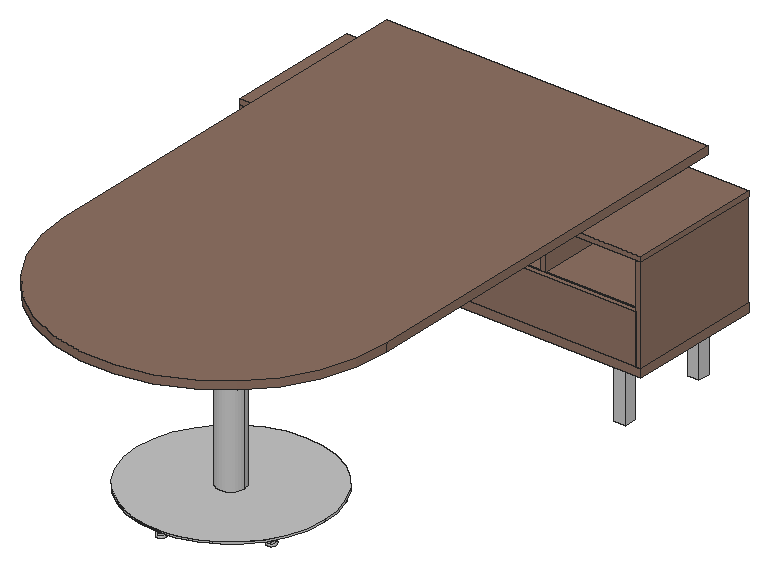
Revit family "CT002", category Furniture, Revit 2016
Family settings
  OmniClass Number = 23.40.20.00
  OmniClass Title = General Furniture and Specialties
  Work Plane-Based = No
  Always vertical = Yes
  Cut with Voids When Loaded = No
  Shared = Yes
  Room Calculation Point = No
Parameters
  Series = "Connect Lounge"
  Manufacturer = "JSI"
  Description = "CT002"
Reference planes (in)
  plane 1 "Center Front/Back": y = 0
  plane 2: z = 0
  plane 3 "Center Left/Right": x = 0
Dimensions and locks (in)
  aligned and locked: level to plane 2
Nested families (in)
  nested 1: "JSI-Connect-Media_Activity_Center" at (0, -10, 0), type "CT6084MACB 84" Bullet"
Definition of nested family "JSI-Connect-Media_Activity_Center"
  Parameters (values of type "CT6084MACR 84" Rectangular")
    Wood Finish = none
    Width = 5' - 0"
    URL = "www.jsifurniture.com"
    Series = "Connect"  # constant formula
    Rectangular Top = yes
    Model = "CT6084MACR"
    Metal Finish = none
    Manufacturer = "JSI"  # constant formula
    Keynote = "12 40 00"
    JSI Environmental Website = "http://www.jsifurniture.com/jsi_sustainability_intro.php"
    Height = 2' - 1"
    Description = "84\" Rectangular"
    Depth = 7' - 0"
    Bullet Top = no
    Back Wall Panel = no
    Assembly Code = "E2020200"
  Types (9): name | Rectangular Top | Model | Description | Depth | Bullet Top | Back Wall Panel
    (no name) | yes | "CT6084MACR" | "84\" Rectangular" | 7' - 0" | no | no
    CT6072MACB 72" Bullet | no | "CT6072MACB" | "72\" Bullet" | 6' - 0" | yes | no
    CT6084MACB 84" Bullet | no | "CT6084MACB" | "84\" Bullet" | 7' - 0" | yes | no
    CT6084MACR 84" Rectangular | yes | "CT6084MACR" | "84\" Rectangular" | 7' - 0" | no | no
    CT6072MACR 72" Rectangular | yes | "CT6072MACR" | "72\" Rectangular" | 6' - 0" | no | no
    CT6084MACBW 84" Bullet With Back Wall Panel | no | "CT6084MACBW" | "84\" Bullet With Back Wall Panel" | 7' - 0" | yes | yes
    CT6072MACBW 72" Bullet With Back Wall Panel | no | "CT6072MACBW" | "72\" Bullet With Back Wall Panel" | 6' - 0" | yes | yes
    CT6084MACRW 84" Rectangular With Back Wall Panel | yes | "CT6084MACRW" | "84\" Rectangular With Back Wall Panel" | 7' - 0" | no | yes
    CT6072MACRW 72" Rectangular With Back Wall Panel | yes | "CT6072MACRW" | "72\" Rectangular With Back Wall Panel" | 6' - 0" | no | yes
  Reference planes (in)
    plane 1 "Center Front/Back": y = 0
    plane 2: z = 0
    plane 3 "Center Left/Right": x = 0
    plane 4: x = 30
    plane 5: x = -30
    plane 6: y = 10
    plane 7: y = -10
    plane 8: z = 25
    plane 9: z = 8.75
    plane 10: z = 10
    plane 11: x = -25.875
    plane 12: x = -24.125
    plane 13: x = 25.875
    plane 14: x = 24.125
    plane 15: x = -29.25
    plane 16: x = 29.25
    plane 17: z = 24.25
    plane 18: y = -74
    plane 19: y = -49.05985
    plane 20: y = -55.875
  Forms (in)
    Extrusion 1, solid, material <- "Wood Finish"
      sketch origin (0, 0, 0) x (1, 0, 0) y (0, 1, 0)
        loop
          line (-30, 10) -> (-30, -10) -> (30, -10) -> (30, 10) -> (-30, 10)
      from 8.75 to 10
    Extrusion 2, solid, material <- "Metal Finish"
      sketch origin (0, 0, 0) x (1, 0, 0) y (0, 1, 0)
        loop
          line (24.125, -6) -> (24.125, -7.75) -> (25.875, -7.75) -> (25.875, -6) -> (24.125, -6)
        loop
          line (25.875, 6) -> (25.875, 7.75) -> (24.125, 7.75) -> (24.125, 6) -> (25.875, 6)
        loop
          line (-24.125, 6) -> (-24.125, 7.75) -> (-25.875, 7.75) -> (-25.875, 6) -> (-24.125, 6)
        loop
          line (-24.125, -7.75) -> (-24.125, -6) -> (-25.875, -6) -> (-25.875, -7.75) -> (-24.125, -7.75)
      from 0 to 8.75
    Extrusion 3, solid, material <- "Wood Finish"
      sketch origin (61.96223, 2.16377, 0) x (1, 0, 0) y (0, 1, 0)
        loop
          line (-91.96223, 7.83623) -> (-91.96223, -12.16377) -> (-91.21223, -12.16377) -> (-91.21223, 7.83623) -> (-91.96223, 7.83623)
      from 10 to 24.25
    Extrusion 4, solid, material <- "Wood Finish"
      sketch origin (-61.96223, 2.16377, 0) x (-1, 0, 0) y (0, -1, 0)
        loop
          line (-91.96223, -7.83623) -> (-91.21223, -7.83623) -> (-91.21223, 12.16377) -> (-91.96223, 12.16377) -> (-91.96223, -7.83623)
      from 10 to 24.25
    Extrusion 5, solid, material <- "Wood Finish"
      sketch origin (-89.96223, 2.16377, 0) x (-1, 0, 0) y (0, -1, 0)
        loop
          line (-119.21223, -5.08623) -> (-104.96223, -5.08623) -> (-104.96223, -4.33623) -> (-119.21223, -4.33623) -> (-119.21223, -5.08623)
      from 17.3125 to 19.3125
    Extrusion 6, solid, material <- "Wood Finish"
      sketch origin (0, 0, 9.25) x (1, 0, 0) y (0, 1, 0)
        loop
          line (-30, 10) -> (-30, -10) -> (30, -10) -> (30, 10) -> (-30, 10)
      from 15 to 15.75
    Extrusion 7, solid, material <- "Wood Finish"
      sketch origin (-89.59579, 2.16377, 10.4936) x (-1, 0, 0) y (0, -1, 0)
        loop
          line (-118.84579, -5.08623) -> (-104.59579, -5.08623) -> (-104.59579, 11.28877) -> (-118.84579, 11.28877) -> (-118.84579, -5.08623)
      from 6.0689 to 6.8189
    Extrusion 8, solid, material <- "Wood Finish"
      sketch origin (76.96223, 2.16377, 0) x (1, 0, 0) y (0, 1, 0)
        loop
          line (-91.96223, 7.08623) -> (-91.96223, -11.28877) -> (-91.21223, -11.28877) -> (-91.21223, 7.08623) -> (-91.96223, 7.08623)
      from 10 to 24.25
    Extrusion 9, solid, material <- "Wood Finish"
      sketch origin (106.21223, 2.16377, 0) x (1, 0, 0) y (0, 1, 0)
        loop
          line (-91.96223, 7.08623) -> (-91.96223, -11.28877) -> (-91.21223, -11.28877) -> (-91.21223, 7.08623) -> (-91.96223, 7.08623)
      from 10 to 24.25
    Extrusion 10, solid, material <- "Wood Finish"
      sketch origin (89.96223, 2.16377, 0) x (1, 0, 0) y (0, 1, 0)
        loop
          line (-119.21223, 5.08623) -> (-119.21223, 4.33623) -> (-104.96223, 4.33623) -> (-104.96223, 5.08623) -> (-119.21223, 5.08623)
      from 17.3125 to 19.3125
    Extrusion 11, solid, material <- "Wood Finish"
      sketch origin (89.59579, 2.16377, 10.4936) x (1, 0, 0) y (0, 1, 0)
        loop
          line (-118.84579, 5.08623) -> (-118.84579, -11.28877) -> (-104.59579, -11.28877) -> (-104.59579, 5.08623) -> (-118.84579, 5.08623)
      from 6.0689 to 6.8189
    Extrusion 12, solid, material <- "Wood Finish"
      sketch origin (119.21223, 2.16377, 0) x (1, 0, 0) y (0, 1, 0)
        loop
          line (-133.46223, 5.08623) -> (-133.46223, 4.33623) -> (-104.96223, 4.33623) -> (-104.96223, 5.08623) -> (-133.46223, 5.08623)
      from 17.3125 to 19.3125
    Extrusion 13, solid, material <- "Wood Finish"
      sketch origin (118.84579, 2.16377, 10.4936) x (1, 0, 0) y (0, 1, 0)
        loop
          line (-133.09579, 5.08623) -> (-133.09579, -11.28877) -> (-104.59579, -11.28877) -> (-104.59579, 5.08623) -> (-133.09579, 5.08623)
      from 6.0689 to 6.8189
    Extrusion 14, solid, material <- "Wood Finish"
      sketch origin (76.96223, 21.41377, 0) x (1, 0, 0) y (0, 1, 0)
        loop
          line (-106.21223, -11.41377) -> (-106.21223, -12.16377) -> (-47.71223, -12.16377) -> (-47.71223, -11.41377) -> (-106.21223, -11.41377)
      from 10 to 24.25
    Extrusion 15, void
      sketch origin (0, -0.375, 0) x (1, 0, 0) y (0, 1, 0)
        loop
          circle (0, 7.00058) r 1.19296
      from 22.85724 to 25.60955
    Extrusion 16, solid, material <- "Wood Finish"
      sketch origin (76.96223, -21.41377, 0) x (1, 0, 0) y (0, 1, 0)
        loop
          line (-106.21223, 11.41377) -> (-47.71223, 11.41377) -> (-47.71223, 12.16377) -> (-106.21223, 12.16377) -> (-106.21223, 11.41377)
      from 10 to 17.3125
    Extrusion 17, solid, material <- "Wood Finish", visible <- "Bullet Top"
      sketch origin (0, -21, 9.25) x (1, 0, 0) y (0, 1, 0)
        loop
          line (-24, 31) -> (-24, -29)
          arc (-24, -29) -> (0, -53) -> (24, -29) r 24
          line (24, -29) -> (24, 31) -> (-24, 31)
      from 18.444 to 19.6315
    Extrusion 18, solid, material <- "Wood Finish"
      sketch origin (74.21223, 2.16377, 0) x (1, 0, 0) y (0, 1, 0)
        loop
          line (-95.21223, 6.96123) -> (-95.21223, -9.03877) -> (-94.46223, -9.03877) -> (-94.46223, 6.96123) -> (-95.21223, 6.96123)
        loop
          line (-53.21223, 6.96123) -> (-53.96223, 6.96123) -> (-53.96223, -9.03877) -> (-53.21223, -9.03877) -> (-53.21223, 6.96123)
        loop
          line (-64.46223, -58.03877) -> (-64.46223, 4.21123) -> (-65.21223, 4.21123) -> (-65.21223, -58.03877) -> (-64.46223, -58.03877)
        loop
          line (-83.21223, -58.03877) -> (-83.21223, 4.21123) -> (-83.96223, 4.21123) -> (-83.96223, -58.03877) -> (-83.21223, -58.03877)
      from 25.069 to 27.694
    Extrusion 19, solid, material <- "Wood Finish"
      sketch origin (76.21223, 2.16377, 0) x (1, 0, 0) y (0, 1, 0)
        loop
          line (-67.21223, -57.28877) -> (-85.21223, -57.28877) -> (-85.21223, -58.03877) -> (-67.21223, -58.03877) -> (-67.21223, -57.28877)
        loop
          line (-96.46223, 6.21123) -> (-55.96223, 6.21123) -> (-55.96223, 6.96123) -> (-96.46223, 6.96123) -> (-96.46223, 6.21123)
      from 25.069 to 27.694
    Extrusion 20, solid, material <- "Metal Finish", visible <- "Bullet Top"
      sketch origin (0, 6, 0) x (1, 0, 0) y (0, 1, 0)
        loop
          circle (0, -55.05859) r 2
      from 1.28 to 27.694
    Extrusion 21, solid, material <- "Metal Finish", visible <- "Bullet Top"
      sketch origin (0, -6, 0) x (1, 0, 0) y (0, 1, 0)
        loop
          circle (0, -43.05985) r 14
      from 1.03 to 1.28
    Revolve 22, solid, material <- "Metal Finish", visible <- "Bullet Top"
      sketch origin (0, -62.0572, 0) x (1, 0, 0) y (0, 0, -1)
        loop
          line (0, 0) -> (0, -1.03) -> (0.12009, -1.03) -> (0.12009, -0.44) -> (0.44, -0.44) -> (0.44, -0.25) -> (0.56606, -0.25)
          arc (0.56606, -0.25) -> (0.69106, -0.125) -> (0.56606, 0) r 0.125
          line (0.56606, 0) -> (0, 0)
        axis (0, -1.03) -> (0, 0)
      angle from 0 to 360
    Revolve 23, solid, material <- "Metal Finish", visible <- "Bullet Top"
      sketch origin (11.25604, -55.55853, 0) x (0.5, 0.866025, 0) y (0, 0, -1)
        loop
          line (0, 0) -> (0, -1.03) -> (0.12009, -1.03) -> (0.12009, -0.44) -> (0.44, -0.44) -> (0.44, -0.25) -> (0.56606, -0.25)
          arc (0.56606, -0.25) -> (0.69106, -0.125) -> (0.56606, 0) r 0.125
          line (0.56606, 0) -> (0, 0)
        axis (0, -1.03) -> (0, 0)
      angle from 0 to 360
    Revolve 24, solid, material <- "Metal Finish", visible <- "Bullet Top"
      sketch origin (11.25604, -42.56118, 0) x (-0.5, 0.866025, 0) y (0, 0, -1)
        loop
          line (0, 0) -> (0, -1.03) -> (0.12009, -1.03) -> (0.12009, -0.44) -> (0.44, -0.44) -> (0.44, -0.25) -> (0.56606, -0.25)
          arc (0.56606, -0.25) -> (0.69106, -0.125) -> (0.56606, 0) r 0.125
          line (0.56606, 0) -> (0, 0)
        axis (0, -1.03) -> (0, 0)
      angle from 0 to 360
    Revolve 25, solid, material <- "Metal Finish", visible <- "Bullet Top"
      sketch origin (0, -36.0625, 0) x (-1, 0, 0) y (0, 0, -1)
        loop
          line (0, 0) -> (0, -1.03) -> (0.12009, -1.03) -> (0.12009, -0.44) -> (0.44, -0.44) -> (0.44, -0.25) -> (0.56606, -0.25)
          arc (0.56606, -0.25) -> (0.69106, -0.125) -> (0.56606, 0) r 0.125
          line (0.56606, 0) -> (0, 0)
        axis (0, -1.03) -> (0, 0)
      angle from 0 to 360
    Revolve 26, solid, material <- "Metal Finish", visible <- "Bullet Top"
      sketch origin (-11.25604, -42.56118, 0) x (-0.5, -0.866025, 0) y (0, 0, -1)
        loop
          line (0, 0) -> (0, -1.03) -> (0.12009, -1.03) -> (0.12009, -0.44) -> (0.44, -0.44) -> (0.44, -0.25) -> (0.56606, -0.25)
          arc (0.56606, -0.25) -> (0.69106, -0.125) -> (0.56606, 0) r 0.125
          line (0.56606, 0) -> (0, 0)
        axis (0, -1.03) -> (0, 0)
      angle from 0 to 360
    Revolve 27, solid, material <- "Metal Finish", visible <- "Bullet Top"
      sketch origin (-11.25604, -55.55853, 0) x (0.5, -0.866025, 0) y (0, 0, -1)
        loop
          line (0, 0) -> (0, -1.03) -> (0.12009, -1.03) -> (0.12009, -0.44) -> (0.44, -0.44) -> (0.44, -0.25) -> (0.56606, -0.25)
          arc (0.56606, -0.25) -> (0.69106, -0.125) -> (0.56606, 0) r 0.125
          line (0.56606, 0) -> (0, 0)
        axis (0, -1.03) -> (0, 0)
      angle from 0 to 360
    Extrusion 28, solid, material <- "Wood Finish", visible <- "Rectangular Top"
      sketch origin (0, -21, 9.25) x (1, 0, 0) y (0, 1, 0)
        loop
          line (-24, 31) -> (-24, -53) -> (24, -53) -> (24, 31) -> (-24, 31)
      from 18.444 to 19.6315
    Extrusion 29, solid, material <- "Metal Finish", visible <- "Rectangular Top"
      sketch origin (0, -6, 0) x (1, 0, 0) y (0, 1, 0)
        loop
          line (11.875, -54.6875) -> (11.875, -31.4375)
          arc (11.875, -31.4375) -> (11.80178, -31.26072) -> (11.625, -31.1875) r 0.25
          line (11.625, -31.1875) -> (-11.625, -31.1875)
          arc (-11.625, -31.1875) -> (-11.80178, -31.26072) -> (-11.875, -31.4375) r 0.25
          line (-11.875, -31.4375) -> (-11.875, -54.6875)
          arc (-11.875, -54.6875) -> (-11.80178, -54.86428) -> (-11.625, -54.9375) r 0.25
          line (-11.625, -54.9375) -> (11.625, -54.9375)
          arc (11.625, -54.9375) -> (11.80178, -54.86428) -> (11.875, -54.6875) r 0.25
      from 1.03 to 1.28
    Extrusion 30, solid, material <- "Metal Finish", visible <- "Rectangular Top"
      sketch origin (0, 6, 0) x (1, 0, 0) y (0, 1, 0)
        loop
          line (1.5, -53.5625) -> (-1.5, -53.5625) -> (-1.5, -56.5625) -> (1.5, -56.5625) -> (1.5, -53.5625)
      from 1.28 to 27.694
    Revolve 31, solid, material <- "Metal Finish", visible <- "Rectangular Top"
      sketch origin (-10.87148, -59.93094, 0) x (1, 0, 0) y (0, 0, -1)
        loop
          line (0, 0) -> (0, -1.03) -> (0.12009, -1.03) -> (0.12009, -0.44) -> (0.44, -0.44) -> (0.44, -0.25) -> (0.56606, -0.25)
          arc (0.56606, -0.25) -> (0.69106, -0.125) -> (0.56606, 0) r 0.125
          line (0.56606, 0) -> (0, 0)
        axis (0, -1.03) -> (0, 0)
      angle from 0 to 360
    Revolve 32, solid, material <- "Metal Finish", visible <- "Rectangular Top"
      sketch origin (-10.87148, -38.19406, 0) x (1, 0, 0) y (0, 0, 1)
        loop
          line (0, 0) -> (0.56606, 0)
          arc (0.56606, 0) -> (0.69106, 0.125) -> (0.56606, 0.25) r 0.125
          line (0.56606, 0.25) -> (0.44, 0.25) -> (0.44, 0.44) -> (0.12009, 0.44) -> (0.12009, 1.03) -> (0, 1.03) -> (0, 0)
        axis (0, 1.03) -> (0, 0)
      angle from 0 to 360
    Revolve 33, solid, material <- "Metal Finish", visible <- "Rectangular Top"
      sketch origin (10.87148, -59.93094, 0) x (-1, 0, 0) y (0, 0, 1)
        loop
          line (0, 0) -> (0.56606, 0)
          arc (0.56606, 0) -> (0.69106, 0.125) -> (0.56606, 0.25) r 0.125
          line (0.56606, 0.25) -> (0.44, 0.25) -> (0.44, 0.44) -> (0.12009, 0.44) -> (0.12009, 1.03) -> (0, 1.03) -> (0, 0)
        axis (0, 1.03) -> (0, 0)
      angle from 0 to 360
    Revolve 34, solid, material <- "Metal Finish", visible <- "Rectangular Top"
      sketch origin (10.87148, -38.19406, 0) x (-1, 0, 0) y (0, 0, -1)
        loop
          line (0, 0) -> (0, -1.03) -> (0.12009, -1.03) -> (0.12009, -0.44) -> (0.44, -0.44) -> (0.44, -0.25) -> (0.56606, -0.25)
          arc (0.56606, -0.25) -> (0.69106, -0.125) -> (0.56606, 0) r 0.125
          line (0.56606, 0) -> (0, 0)
        axis (0, -1.03) -> (0, 0)
      angle from 0 to 360
    Extrusion 35, solid, material <- "Wood Finish", visible <- "Back Wall Panel"
      sketch origin (75.21223, 2.16377, 0) x (1, 0, 0) y (0, 1, 0)
        loop
          line (-100.02473, 7.83623) -> (-100.02473, -2.16377) -> (-99.27473, -2.16377) -> (-99.27473, 7.83623) -> (-100.02473, 7.83623)
        loop
          line (-50.39973, -2.16377) -> (-50.39973, 7.83623) -> (-51.14973, 7.83623) -> (-51.14973, -2.16377) -> (-50.39973, -2.16377)
      from 25 to 60
    Extrusion 36, solid, material <- "Wood Finish", visible <- "Back Wall Panel"
      sketch origin (74.59826, 9.18153, 0) x (1, 0, 0) y (0, 1, 0)
        loop
          line (-98.66076, 0.81847) -> (-98.66076, 0.06847) -> (-50.53576, 0.06847) -> (-50.53576, 0.81847) -> (-98.66076, 0.81847)
      from 25 to 60
  Cuts and joins
    Extrusion 15 cuts Extrusion 6
  Lines and regions (in)
    symbolic lines, not visible
      curve 1: line (-30, 10, 0) -> (29.25, 10, 0)
      curve 2: line (-30, -10, 0) -> (-30, 10, 0)
      curve 3: line (29.25, -10, 0) -> (-30, -10, 0)
      curve 4: line (29.25, 10, 0) -> (30, 10, 0)
      curve 5: line (30, 10, 0) -> (30, -10, 0)
      curve 6: line (30, -10, 0) -> (29.25, -10, 0)
    symbolic lines
      curve 7: line (-30, 10, 0) -> (30, 10, 0)
      curve 8: line (30, -10, 0) -> (-30, -10, 0)
      curve 9: line (30, 10, 0) -> (30, -10, 0)
      curve 10: line (-30, 10, 0) -> (-30, -10, 0)
      curve 16: line (24, 10, 0) -> (-24, 10, 0)
    symbolic lines, visible <- "Bullet Top"
      curve 11: arc (-24, -50, 0) -> (0, -74, 0) -> (24, -50, 0) r 24
      curve 12: line (24, -50, 0) -> (24, 10, 0)
      curve 13: line (24, 10, 0) -> (-24, 10, 0)
      curve 14: line (-24, 10, 0) -> (-24, -50, 0)
    symbolic lines, visible <- "Rectangular Top"
      curve 15: line (24, -74, 0) -> (24, 10, 0)
      curve 17: line (-24, 10, 0) -> (-24, -74, 0)
      curve 18: line (-24, -74, 0) -> (24, -74, 0)
    symbolic lines, visible <- "Back Wall Panel"
      curve 19: line (-24.8125, 10, 0) -> (-24.8125, 0, 0)
      curve 20: line (-24.8125, 0, 0) -> (-24.0625, 0, 0)
      curve 21: line (-24.0625, 0, 0) -> (-24.0625, 10, 0)
      curve 22: line (-24.0625, 10, 0) -> (-24.8125, 10, 0)
      curve 23: line (24.8125, 0, 0) -> (24.8125, 10, 0)
      curve 24: line (24.8125, 10, 0) -> (24.0625, 10, 0)
      curve 25: line (24.0625, 10, 0) -> (24.0625, 0, 0)
      curve 26: line (24.0625, 0, 0) -> (24.8125, 0, 0)
      curve 27: line (24.0625, 10, 0) -> (-24.0625, 10, 0)
      curve 28: line (-24.0625, 10, 0) -> (-24.0625, 9.25, 0)
      curve 29: line (-24.0625, 9.25, 0) -> (24.0625, 9.25, 0)
      curve 30: line (24.0625, 9.25, 0) -> (24.0625, 10, 0)
  Dimensions and locks (in)
    "Width": plane 5 to plane 4
    equal spacing: plane 5, plane 3 "Center Left/Right", plane 4
    equal spacing: plane 7, plane 1 "Center Front/Back", plane 6
    "Height": plane 8 to level
    locked: plane 9 to level at 8.75
    locked: plane 10 to plane 9 at 1.25
    locked: plane 5 to plane 11 at 4.125
    locked: plane 11 to plane 12 at 1.75
    locked: plane 4 to plane 13 at 4.125
    locked: plane 13 to plane 14 at 1.75
    plane 5 to plane 15 = 0' - 0 3/4"
    plane 16 to plane 4 = 0' - 0 3/4"
    "Depth": plane 6 to plane 18
    locked: Extrusion 20 sketch curve to plane 18 at 24.94141
    locked: Extrusion 17 sketch curve to plane 18 at 24
    locked: Extrusion 21 sketch curve to plane 18 at 24.94015
    locked: plane 19 to plane 18 at 24.94015
    locked: plane 20 to plane 18 at 18.125
    locked: Revolve 22 to plane 18 at 11.5028
    locked: Revolve 27 to plane 18 at 18.00147
    locked: Revolve 23 to plane 18 at 18.00147
    locked: Revolve 24 to plane 18 at 30.99882
    locked: Revolve 26 to plane 18 at 30.99882
    locked: Revolve 25 to plane 18 at 37.4975
    locked: plane 18 to Extrusion 29 sketch curve at 13.0625
    locked: Extrusion 29 sketch curve to plane 18 at 36.8125
    locked: Extrusion 30 sketch curve to plane 18 at 23.4375
    locked: Extrusion 30 sketch curve to plane 18 at 26.4375
    locked: Revolve 31 to plane 18 at 13.62906
    locked: Revolve 32 to plane 18 at 35.36594
    locked: Revolve 33 to plane 18 at 13.62906
    locked: Revolve 34 to plane 18 at 35.36594
    Extrusion 18 to Extrusion 18 = 3' - 4 1/2"
    aligned and locked: level to plane 2
    aligned and locked: Extrusion 1 to plane 9
    aligned and locked: Extrusion 1 to plane 5
    aligned and locked: Extrusion 1 to plane 4
    aligned and locked: Extrusion 1 to plane 7
    aligned and locked: plane 6 to Extrusion 1
    aligned and locked: plane 10 to Extrusion 1
    aligned and locked: plane 9 to Extrusion 2
    aligned and locked: curve 3 to plane 7
    aligned and locked: Extrusion 2 to plane 11  (x2)
    aligned and locked: plane 12 to Extrusion 2  (x2)
    aligned and locked: Extrusion 2 to plane 13  (x2)
    aligned and locked: plane 14 to Extrusion 2  (x2)
    aligned and locked: plane 6 to Extrusion 3
    aligned and locked: Extrusion 3 to plane 7
    aligned and locked: curve 10 to plane 5
    aligned and locked: Extrusion 3 to plane 5
    aligned and locked: curve 7 to plane 6
    aligned and locked: Extrusion 3 sketch curve to plane 15
    aligned and locked: Extrusion 4 sketch curve to plane 4
    aligned and locked: plane 6 to Extrusion 4 sketch curve
    aligned and locked: plane 16 to Extrusion 4 sketch curve
    aligned and locked: plane 7 to Extrusion 4 sketch curve
    aligned and locked: Extrusion 5 sketch curve to plane 16
    aligned and locked: Extrusion 7 sketch curve to plane 16
    aligned and locked: plane 8 to Extrusion 6
    aligned and locked: Extrusion 6 to plane 17
    aligned and locked: plane 17 to Extrusion 4
    aligned and locked: plane 17 to Extrusion 3
    aligned and locked: Extrusion 18 to Extrusion 17
    aligned and locked: Extrusion 19 to plane 20
    aligned and locked: Extrusion 18 to plane 20  (x2)
    aligned and locked: curve 11 to Extrusion 17
    aligned and locked: Extrusion 28 sketch curve to plane 18
  Automatic sketch dimensions
    curve 3 to plane 16 = 0' - 0"
    curve 4 to plane 16 = 0' - 0"
    curve 9 to plane 4 = 0' - 0"
    curve 12 to plane 6 = 0' - 0"
    Extrusion 1 sketch curve to plane 5 = 0' - 0"
    Extrusion 1 sketch curve to plane 4 = 0' - 0"
    Extrusion 1 sketch curve to plane 7 = 0' - 0"
    Extrusion 1 sketch curve to plane 6 = 0' - 0"
    Extrusion 2 sketch curve to plane 11 = 0' - 0"  (x2)
    Extrusion 2 sketch curve to plane 12 = 0' - 0"  (x2)
    Extrusion 2 sketch curve to plane 14 = 0' - 0"  (x2)
    Extrusion 2 sketch curve to plane 13 = 0' - 0"  (x2)
    Extrusion 2 sketch curve to plane 7 = 0' - 2 1/4"  (x2)
    Extrusion 2 sketch curve to Extrusion 2 sketch curve = 0' - 1 3/4"  (x4)
    Extrusion 2 sketch curve to plane 6 = 0' - 4"  (x2)
    Extrusion 3 sketch curve to plane 5 = 0' - 0"
    Extrusion 3 sketch curve to plane 7 = 0' - 0"
    Extrusion 3 sketch curve to plane 6 = 0' - 0"
    plane 6 to Extrusion 5 sketch curve = 0' - 3 1/2"
    Extrusion 5 sketch curve to plane 14 = 0' - 9 1/8"
    Extrusion 5 sketch curve to Extrusion 5 sketch curve = 0' - 0 3/4"
    Extrusion 6 sketch curve to plane 5 = 0' - 0"
    Extrusion 6 sketch curve to plane 4 = 0' - 0"
    Extrusion 6 sketch curve to plane 7 = 0' - 0"
    Extrusion 6 sketch curve to plane 6 = 0' - 0"
    plane 7 to Extrusion 7 sketch curve = 0' - 0 7/8"
    Extrusion 7 sketch curve to plane 14 = 0' - 9 1/8"
    plane 6 to Extrusion 7 sketch curve = 0' - 2 3/4"
    Extrusion 8 sketch curve to plane 7 = 0' - 0 7/8"
    plane 12 to Extrusion 8 sketch curve = 0' - 9 1/8"
    Extrusion 8 sketch curve to Extrusion 8 sketch curve = 0' - 0 3/4"
    Extrusion 8 sketch curve to plane 6 = 0' - 0 3/4"
    Extrusion 9 sketch curve to plane 7 = 0' - 0 7/8"
    plane 14 to Extrusion 9 sketch curve = 0' - 9 7/8"
    Extrusion 9 sketch curve to Extrusion 9 sketch curve = 0' - 0 3/4"
    Extrusion 9 sketch curve to plane 6 = 0' - 0 3/4"
    Extrusion 10 sketch curve to plane 15 = 0' - 0"
    Extrusion 10 sketch curve to plane 6 = 0' - 3 1/2"
    plane 12 to Extrusion 10 sketch curve = 0' - 9 1/8"
    Extrusion 10 sketch curve to Extrusion 10 sketch curve = 0' - 0 3/4"
    Extrusion 11 sketch curve to plane 15 = 0' - 0"
    Extrusion 11 sketch curve to plane 7 = 0' - 0 7/8"
    plane 12 to Extrusion 11 sketch curve = 0' - 9 1/8"
    Extrusion 11 sketch curve to plane 6 = 0' - 2 3/4"
    Extrusion 12 sketch curve to plane 6 = 0' - 3 1/2"
    plane 12 to Extrusion 12 sketch curve = 0' - 9 7/8"
    plane 14 to Extrusion 12 sketch curve = 0' - 9 7/8"
    Extrusion 12 sketch curve to Extrusion 12 sketch curve = 0' - 0 3/4"
    Extrusion 13 sketch curve to plane 7 = 0' - 0 7/8"
    plane 12 to Extrusion 13 sketch curve = 0' - 9 7/8"
    plane 14 to Extrusion 13 sketch curve = 0' - 9 7/8"
    Extrusion 13 sketch curve to plane 6 = 0' - 2 3/4"
    Extrusion 14 sketch curve to plane 15 = 0' - 0"
    Extrusion 14 sketch curve to plane 16 = 0' - 0"
    Extrusion 14 sketch curve to plane 6 = 0' - 0"
    Extrusion 14 sketch curve to plane 6 = 0' - 0 3/4"
    Extrusion 15 sketch curve to plane 3 "Center Left/Right" = 0' - 0"
    Extrusion 15 sketch curve to plane 6 = 0' - 3.37442"
    Extrusion 16 sketch curve to plane 15 = 0' - 0"
    Extrusion 16 sketch curve to plane 16 = 0' - 0"
    Extrusion 16 sketch curve to plane 7 = 0' - 0"
    plane 7 to Extrusion 16 sketch curve = 0' - 0 3/4"
    Extrusion 17 sketch curve to plane 6 = 0' - 0"
    Extrusion 17 sketch curve to plane 3 "Center Left/Right" = 0' - 0"
    plane 12 to Extrusion 17 sketch curve = 0' - 0 1/8"
    Extrusion 18 sketch curve to plane 20 = 0' - 0"  (x2)
    plane 12 to Extrusion 18 sketch curve = 0' - 3 1/8"
    Extrusion 18 sketch curve to Extrusion 18 sketch curve = 0' - 0 3/4"  (x4)
    Extrusion 18 sketch curve to plane 3 "Center Left/Right" = 0' - 9 3/4"
    plane 3 "Center Left/Right" to Extrusion 18 sketch curve = 0' - 9"
    Extrusion 18 sketch curve to plane 6 = 0' - 0 7/8"  (x2)
    plane 14 to Extrusion 18 sketch curve = 0' - 3 7/8"
    Extrusion 18 sketch curve to plane 7 = 0' - 3 1/8"  (x2)
    Extrusion 18 sketch curve to plane 6 = 0' - 3 5/8"  (x2)
    Extrusion 19 sketch curve to plane 20 = 0' - 0"
    Extrusion 19 sketch curve to plane 6 = 0' - 1 5/8"
    plane 12 to Extrusion 19 sketch curve = 0' - 3 7/8"
    plane 20 to Extrusion 19 sketch curve = 0' - 0 3/4"
    Extrusion 19 sketch curve to plane 3 "Center Left/Right" = 0' - 9"
    plane 3 "Center Left/Right" to Extrusion 19 sketch curve = 0' - 9"
    Extrusion 19 sketch curve to plane 6 = 0' - 0 7/8"
    plane 14 to Extrusion 19 sketch curve = 0' - 3 7/8"
    Extrusion 20 sketch curve to plane 3 "Center Left/Right" = 0' - 0"
    Extrusion 21 sketch curve to plane 3 "Center Left/Right" = 0' - 0"
    Revolve 22 sketch curve to level = 0' - 0"
    Revolve 22 sketch curve to plane 3 "Center Left/Right" = 0' - 0"  (x2)
    plane 3 "Center Left/Right" to Revolve 22 sketch curve = 0' - 0.12009"
    Revolve 22 sketch curve to Revolve 22 sketch curve = 0' - 0.31991"
    Revolve 22 sketch curve to Revolve 22 sketch curve = 0' - 0.12606"
    Revolve 22 sketch curve to Revolve 22 sketch curve = 0' - 0 1/8"
    Revolve 22 sketch curve to Revolve 22 sketch curve = 0' - 0.19"
    Revolve 22 sketch curve to Revolve 22 sketch curve = 0' - 0.59"
    Revolve 22 sketch curve to Revolve 22 sketch curve = 0' - 0.17422"
    Revolve 22 sketch curve to level = 0' - 0.19542"
    level to Revolve 23 sketch curve = 0' - 0"
    Revolve 23 sketch curve to Revolve 23 sketch curve = 0' - 0.12009"
    Revolve 23 sketch curve to Revolve 23 sketch curve = 0' - 0.31991"
    Revolve 23 sketch curve to Revolve 23 sketch curve = 0' - 0.12606"
    Revolve 23 sketch curve to Revolve 23 sketch curve = 0' - 0 1/8"
    Revolve 23 sketch curve to Revolve 23 sketch curve = 0' - 0.19"
    Revolve 23 sketch curve to Revolve 23 sketch curve = 0' - 0.59"
    Revolve 23 sketch curve to Revolve 23 sketch curve = 0' - 0"
    Revolve 23 sketch curve to Revolve 23 sketch curve = 0' - 0.17422"
    Revolve 23 sketch curve to level = 0' - 0.19542"
    Revolve 24 sketch curve to level = 0' - 0"
    Revolve 24 sketch curve to Revolve 24 sketch curve = 0' - 0.12009"
    Revolve 24 sketch curve to Revolve 24 sketch curve = 0' - 0.31991"
    Revolve 24 sketch curve to Revolve 24 sketch curve = 0' - 0.12606"
    Revolve 24 sketch curve to Revolve 24 sketch curve = 0' - 0 1/8"
    Revolve 24 sketch curve to Revolve 24 sketch curve = 0' - 0.19"
    Revolve 24 sketch curve to Revolve 24 sketch curve = 0' - 0.59"
    Revolve 24 sketch curve to Revolve 24 sketch curve = 0' - 0"
    Revolve 24 sketch curve to Revolve 24 sketch curve = 0' - 0.17422"
    Revolve 24 sketch curve to level = 0' - 0.19542"
    Revolve 25 sketch curve to level = 0' - 0"
    Revolve 25 sketch curve to plane 3 "Center Left/Right" = 0' - 0"  (x2)
    Revolve 25 sketch curve to plane 3 "Center Left/Right" = 0' - 0.12009"
    Revolve 25 sketch curve to Revolve 25 sketch curve = 0' - 0.31991"
    Revolve 25 sketch curve to Revolve 25 sketch curve = 0' - 0.12606"
    Revolve 25 sketch curve to Revolve 25 sketch curve = 0' - 0 1/8"
    Revolve 25 sketch curve to Revolve 25 sketch curve = 0' - 0.19"
    Revolve 25 sketch curve to Revolve 25 sketch curve = 0' - 0.59"
    Revolve 25 sketch curve to Revolve 25 sketch curve = 0' - 0.17422"
    Revolve 25 sketch curve to level = 0' - 0.19542"
    Revolve 26 sketch curve to level = 0' - 0"
    Revolve 26 sketch curve to Revolve 26 sketch curve = 0' - 0.12009"
    Revolve 26 sketch curve to Revolve 26 sketch curve = 0' - 0.31991"
    Revolve 26 sketch curve to Revolve 26 sketch curve = 0' - 0.12606"
    Revolve 26 sketch curve to Revolve 26 sketch curve = 0' - 0 1/8"
    Revolve 26 sketch curve to Revolve 26 sketch curve = 0' - 0.19"
    Revolve 26 sketch curve to Revolve 26 sketch curve = 0' - 0.59"
    Revolve 26 sketch curve to Revolve 26 sketch curve = 0' - 0"
    Revolve 26 sketch curve to Revolve 26 sketch curve = 0' - 0.17422"
    Revolve 26 sketch curve to level = 0' - 0.19542"
    level to Revolve 27 sketch curve = 0' - 0"
    Revolve 27 sketch curve to Revolve 27 sketch curve = 0' - 0.12009"
    Revolve 27 sketch curve to Revolve 27 sketch curve = 0' - 0.31991"
    Revolve 27 sketch curve to Revolve 27 sketch curve = 0' - 0.12606"
    Revolve 27 sketch curve to Revolve 27 sketch curve = 0' - 0 1/8"
    Revolve 27 sketch curve to Revolve 27 sketch curve = 0' - 0.19"
    Revolve 27 sketch curve to Revolve 27 sketch curve = 0' - 0.59"
    Revolve 27 sketch curve to Revolve 27 sketch curve = 0' - 0"
    Revolve 27 sketch curve to Revolve 27 sketch curve = 0' - 0.17422"
    Revolve 27 sketch curve to level = 0' - 0.19542"
    Extrusion 28 sketch curve to plane 6 = 0' - 0"
    plane 12 to Extrusion 28 sketch curve = 0' - 0 1/8"
    plane 14 to Extrusion 28 sketch curve = 0' - 0 1/8"
    Extrusion 29 sketch curve to plane 3 "Center Left/Right" = 0' - 11 7/8"
    Extrusion 29 sketch curve to Extrusion 29 sketch curve = 0' - 0 1/4"  (x2)
    plane 3 "Center Left/Right" to Extrusion 29 sketch curve = 0' - 11 5/8"  (x2)
    Extrusion 29 sketch curve to plane 20 = 0' - 4 13/16"
    Extrusion 30 sketch curve to plane 3 "Center Left/Right" = 0' - 1 1/2"
    plane 3 "Center Left/Right" to Extrusion 30 sketch curve = 0' - 1 1/2"
    Revolve 31 sketch curve to level = 0' - 0"
    Revolve 31 sketch curve to plane 3 "Center Left/Right" = 0' - 10.87148"
    Revolve 31 sketch curve to Revolve 31 sketch curve = 0' - 0.12009"
    Revolve 31 sketch curve to Revolve 31 sketch curve = 0' - 0.31991"
    Revolve 31 sketch curve to Revolve 31 sketch curve = 0' - 0.12606"
    Revolve 31 sketch curve to Revolve 31 sketch curve = 0' - 0 1/8"
    Revolve 31 sketch curve to Revolve 31 sketch curve = 0' - 0.19"
    Revolve 31 sketch curve to Revolve 31 sketch curve = 0' - 0.59"
    Revolve 31 sketch curve to Revolve 31 sketch curve = 0' - 0"
    Revolve 31 sketch curve to Revolve 31 sketch curve = 0' - 0.17422"
    Revolve 31 sketch curve to level = 0' - 0.19542"
    Revolve 32 sketch curve to level = 0' - 0"
    Revolve 32 sketch curve to plane 3 "Center Left/Right" = 0' - 10.87148"
    Revolve 32 sketch curve to Revolve 32 sketch curve = 0' - 0.12009"
    Revolve 32 sketch curve to Revolve 32 sketch curve = 0' - 0.31991"
    Revolve 32 sketch curve to Revolve 32 sketch curve = 0' - 0.12606"
    Revolve 32 sketch curve to Revolve 32 sketch curve = 0' - 0 1/8"
    Revolve 32 sketch curve to Revolve 32 sketch curve = 0' - 0.19"
    Revolve 32 sketch curve to Revolve 32 sketch curve = 0' - 0.59"
    Revolve 32 sketch curve to Revolve 32 sketch curve = 0' - 0"
    Revolve 32 sketch curve to level = 0' - 0.19542"
    Revolve 32 sketch curve to Revolve 32 sketch curve = 0' - 0.17422"
    Revolve 33 sketch curve to level = 0' - 0"
    plane 3 "Center Left/Right" to Revolve 33 sketch curve = 0' - 10.87148"
    Revolve 33 sketch curve to Revolve 33 sketch curve = 0' - 0.12009"
    Revolve 33 sketch curve to Revolve 33 sketch curve = 0' - 0.31991"
    Revolve 33 sketch curve to Revolve 33 sketch curve = 0' - 0.12606"
    Revolve 33 sketch curve to Revolve 33 sketch curve = 0' - 0 1/8"
    Revolve 33 sketch curve to Revolve 33 sketch curve = 0' - 0.19"
    Revolve 33 sketch curve to Revolve 33 sketch curve = 0' - 0.59"
    Revolve 33 sketch curve to Revolve 33 sketch curve = 0' - 0"
    Revolve 33 sketch curve to level = 0' - 0.19542"
    Revolve 33 sketch curve to Revolve 33 sketch curve = 0' - 0.17422"
    Revolve 34 sketch curve to level = 0' - 0"
    plane 3 "Center Left/Right" to Revolve 34 sketch curve = 0' - 10.87148"
    Revolve 34 sketch curve to Revolve 34 sketch curve = 0' - 0.12009"
    Revolve 34 sketch curve to Revolve 34 sketch curve = 0' - 0.31991"
    Revolve 34 sketch curve to Revolve 34 sketch curve = 0' - 0.12606"
    Revolve 34 sketch curve to Revolve 34 sketch curve = 0' - 0 1/8"
    Revolve 34 sketch curve to Revolve 34 sketch curve = 0' - 0.19"
    Revolve 34 sketch curve to Revolve 34 sketch curve = 0' - 0.59"
    Revolve 34 sketch curve to Revolve 34 sketch curve = 0' - 0"
    Revolve 34 sketch curve to Revolve 34 sketch curve = 0' - 0.17422"
    Revolve 34 sketch curve to level = 0' - 0.19542"
    Extrusion 35 sketch curve to plane 6 = 0' - 0"  (x2)
    plane 1 "Center Front/Back" to Extrusion 35 sketch curve = 0' - 0"  (x2)
    Extrusion 35 sketch curve to plane 12 = 0' - 0 11/16"
    plane 12 to Extrusion 35 sketch curve = 0' - 0 1/16"
    plane 14 to Extrusion 35 sketch curve = 0' - 0 1/16"
    Extrusion 35 sketch curve to plane 14 = 0' - 0 11/16"
    Extrusion 36 sketch curve to plane 6 = 0' - 0"
    plane 12 to Extrusion 36 sketch curve = 0' - 0 1/16"
    plane 14 to Extrusion 36 sketch curve = 0' - 0 1/16"
    Extrusion 36 sketch curve to plane 6 = 0' - 0 3/4"
    curve 18 to plane 18 = 0' - 0"
    plane 1 "Center Front/Back" to curve 19 = 0' - 0"
    curve 19 to plane 6 = 0' - 0"
    curve 19 to plane 12 = 0' - 0 11/16"
    plane 12 to curve 22 = 0' - 0 1/16"
    plane 1 "Center Front/Back" to curve 25 = 0' - 0"
    curve 12 to curve 25 = 0' - 0 1/16"
    curve 24 to plane 14 = 0' - 0 11/16"
    curve 29 to curve 21 = 0' - 0 3/4"
    radius of Extrusion 15 sketch curve = 0' - 1.19296"
    radius of Extrusion 20 sketch curve = 0' - 2"
    radius of Extrusion 21 sketch curve = 1' - 2"
